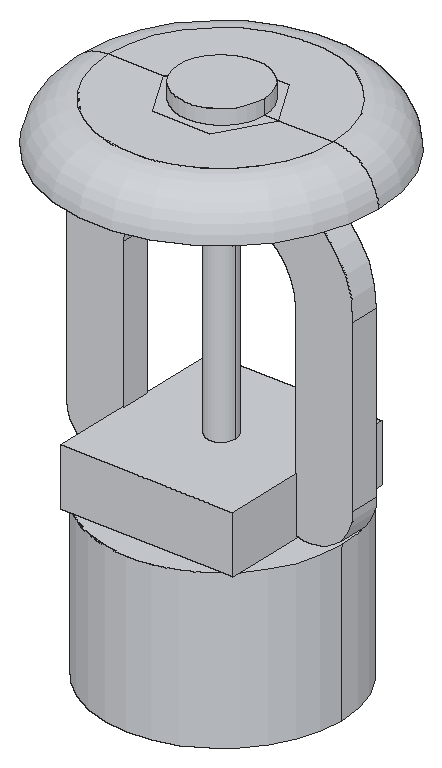
Revit family
Parameters (values of type "RASCO F1FR-300 UPRIGHT")
  Temperature Rating = 286 °F
  Response = 1
  RASCO SIN # = "R3622"
  RASCO Part # = "F1FRU3LB3"
  Pressure Rating = "300 PSI"
  Pressure Class = 1
  Orifice Size = 17/32"
  Orifice = (empty or 0)
  Model = "F1FR-300"
  Manufacturer = "RASCO"
  K-Factor = 8
  Description = "Brz. Finish"
  Coverage = (empty or 0)
Reference planes (in)
  plane 1 "Center (Front/Back)": y = 0
  plane 2: z = 0
  plane 3 "Center (Left/Right)": x = 0
Dimensions and locks (in)
  aligned and locked: plane 2 to level
Nested families (in)
  nested 1: "F1FRU3LB3" at (-0.15364, 0.08501, 0), type "RASCO F1FR-300 UPRIGHT"
Connectors (in)
  piping at (-0.15364, 0.08501, 0)
    settings: on nested 1, index 1, connector radius 1/2", flow factor 0, pipe flow 0 GPM, pressure drop 0.00 psi, fitting loss kfactor 0, connector angle 0.00°, fixture units 0, flow configuration 0, flow direction 0, fitting loss method 0, system type 7, connector reference index -1, connector utility 0, adjustable connector no, is connector primary yes, fitting loss table "", connector description ""
Definition of nested family "F1FRU3LB3"
  Parameters (values of type "RASCO F1FR-300 UPRIGHT")
    Type Comments = ""
    Temperature Rating = 0 °F
    Response = (empty or 0)
    Pressure Rating = "0"
    Pressure Class = (empty or 0)
    Orifice Size = 0"
    Orifice = (empty or 0)
    Model = ""
    Manufacturer = ""
    K-Factor = 0
    Description = ""
    Coverage = (empty or 0)
    Assembly Code = ""
  Reference planes (in)
    plane 1 "Center (Front/Back)": y = 0
    plane 2: z = 0
    plane 3 "ref.2": z = 0.6875
    plane 4 "ref.3": z = 0.9375
    plane 5: x = -0.38065
    plane 6: x = 0.36935
    plane 7 "ref. side 1": y = 0.06402
    plane 8 "ref. side 2": y = -0.06098
    plane 9 "ref.4": z = 1.875
    plane 10 "ref.5": z = 2.3125
    plane 11 "ref.6": z = 2.4375
  Forms (in)
    Extrusion 1, solid
      sketch origin (0, 0, 0) x (1, 0, 0) y (0, 1, 0)
        loop
          circle (0, 0) r 0.5221
      from 0 to 0.6875
    Extrusion 2, solid
      sketch origin (-0.12185, 0.05177, 0.6875) x (1, 0, 0) y (0, 1, 0)
        loop
          line (-0.2588, 0.356) -> (-0.2588, -0.4565) -> (0.4912, -0.4565) -> (0.4912, 0.356) -> (-0.2588, 0.356)
      from 0 to 0.25
    Extrusion 3, solid
      sketch origin (0, 0, 0) x (1, 0, 0) y (0, 0, 1)
        loop
          line (-0.38065, 0.69674) -> (-0.38065, 1.58397)
          arc (-0.38065, 1.58397) -> (-0.29541, 1.78976) -> (-0.08962, 1.875) r 0.29103
          line (-0.08962, 1.875) -> (0.07524, 1.875)
          arc (0.07524, 1.875) -> (0.28321, 1.78886) -> (0.36935, 1.58089) r 0.29411
          line (0.36935, 1.58089) -> (0.36935, 0.69728)
          arc (0.36935, 0.69728) -> (0.54046, 0.72329) -> (0.61935, 0.87734) r 0.18984
          line (0.61935, 0.87734) -> (0.61935, 1.61676)
          arc (0.61935, 1.61676) -> (0.48879, 1.93194) -> (0.17361, 2.0625) r 0.44574
          line (0.17361, 2.0625) -> (-0.18509, 2.0625)
          arc (-0.18509, 2.0625) -> (-0.50015, 1.932) -> (-0.63065, 1.61694) r 0.44556
          line (-0.63065, 1.61694) -> (-0.63065, 0.87876)
          arc (-0.63065, 0.87876) -> (-0.55196, 0.72414) -> (-0.38065, 0.69674) r 0.19126
      from -0.06402 to 0.06098
    Extrusion 4, solid
      sketch origin (0, 0, 0.9375) x (-1, 0, 0) y (0, -1, 0)
        loop
          circle (0.00574, -0.00152) r 0.0625
      from 0 to 0.9375
    Extrusion 5, solid
      sketch origin (0, 0, 1.875) x (-1, 0, 0) y (0, -1, 0)
        loop
          circle (0.00574, -0.00152) r 0.1875
      from 0 to 0.4375
    Revolve 6, solid
      sketch origin (0, 0, -0.2777) x (1, 0, 0) y (0, 0, 1)
        loop
          line (-0.19324, 2.33367) -> (-0.19324, 2.52696) -> (-0.25733, 2.52696) -> (-0.49638, 2.52696)
          arc (-0.49638, 2.52696) -> (-0.63432, 2.47056) -> (-0.69321, 2.33367) r 0.19686
          line (-0.69321, 2.33367) -> (-0.19324, 2.33367)
        axis (-0.00574, 2.33367) -> (-0.00574, 2.52696)
      angle from 0 to 360
  Cuts and joins
    joined: Extrusion 1, Extrusion 2, Extrusion 4, Revolve 6
  Lines and regions (in)
    model lines
      curve 1: line (-0.00574, 0.06402, 1.875) -> (-0.00574, -0.06098, 1.875)
  Dimensions and locks (in)
    Extrusion 3 to Extrusion 3 = 0' - 1 1/4"
    Extrusion 5 to cut or joined group of Extrusion 1, Extrusion 2, Extrusion 4, Revolve 6 = 0' - 2 5/16"
